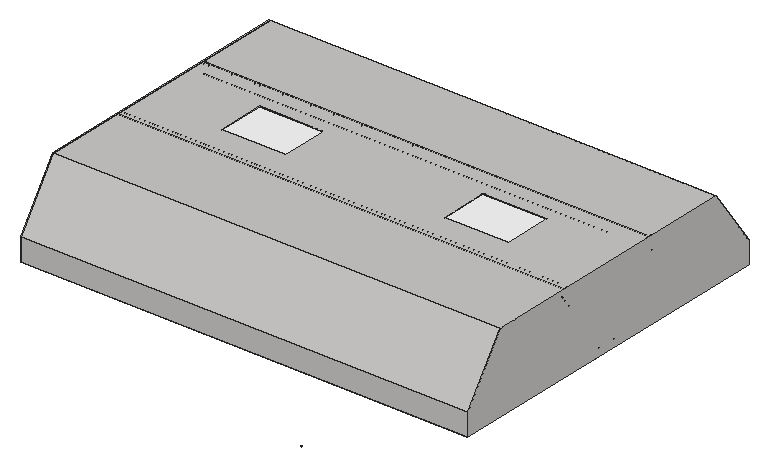
Revit family "QF_ELECTROLUXPROFESSIONAL_642371_BC2228DT", category Attrezzature speciali, Revit 2021
Family settings
  Quota connettore circolare = Usa diametro
  Tipo di parte = Normale
  Basato su piano di lavoro = No
  Sempre verticale = Sì
  Taglio con vuoti quando caricato = No
  Condiviso = No
  Punto di calcolo locali = No
Parameters (values of type "Standard")
  Weight = 99.00 kg
  Watts = 0 W
  Volts = 0 V
  URL Manufacturer = "https://www.electroluxprofessional.com/"
  URL = "https://www.electroluxprofessional.com/"
  Steam Supply Size = 0 mm
  Steam Supply Minimum Pressure = 0.0 Pa
  Steam Supply Maximum Pressure = 0.0 Pa
  Steam Consumption per Hour = 0
  Refrigeration Suction Line Size = 0 mm
  Refrigeration Liquid Line Size = 0 mm
  Refrigerant Compressor Remote = yes
  Prospetto di default = 0 mm
  Produttore = "Electrolux Professional"
  Phase = 0
  Modello = "BC2228DT"
  Length Actual = 2800 mm  # constant formula
  Item Number = "642371"
  Hot Water Size = 0 mm
  Height Actual = 500 mm  # constant formula
  HP = "0 HP"
  Gas Size = 0 mm
  Gas KW = 0
  Gas Input Pressure = 0 W
  Direct Waste Size = 0 mm
  Descrizione = "304 S/S ISLAND HOOD+FILTERS 2800X2200MM"
  Depth Actual = 2200 mm  # constant formula
  Cycle = 0 Hz
  Condensate Return Size = 0 mm
  Compressed Air Volume = 0.0 L/s
  Compressed Air Size = 0 mm
  Compressed Air Pressure = 0.0 Pa
  Cold Water Size = 0 mm
  Accessory = yes
Reference planes
  plane 1: z = 0
  plane 2 "Center (Left/Right)": x = 150
  plane 3 "LEFT": x = -1250
  plane 4 "RIGHT": x = 1550
  plane 5 "BACK": y = 550
  plane 6 "TOP": z = 2500
  plane 7 "Base": z = 2000
  plane 8: z = 1946
  plane 9: x = -1247
  plane 10 "DrainX": x = 1399
  plane 11 "AOLeft2": x = -350
  plane 12 "AORight1": x = 650
  plane 13: x = 1547
  plane 14: x = -1050
  plane 15: x = 1350
  plane 16: x = 50
  plane 17: x = 250
  plane 18 "AOLeft1": x = -750
  plane 19 "AORight2": x = 1050
  plane 20: y = -400
  plane 21: y = -700
  plane 22 "Center (Front/Back)": y = -550
  plane 23: y = -1650
  plane 24: through (0, -601.379, 2046.209) normal (0, 0.8019, 0.5974)
  plane 25: through (0, -498.621, 2046.209) normal (0, 0.8019, -0.5974)
  plane 26: z = 2140
Forms (mm)
  Extrusion 1, solid, material "QF_Finishes_Stainless Steel"
    sketch origin (-1250, 0, 360) x (0, 1, 0) y (0, 0, 1)
      loop
        line (550, 1640) -> (550, 1780) -> (299.446, 2140) -> (-1399.446, 2140) -> (-1650, 1780) -> (-1650, 1640) -> (550, 1640)
    from 0 to 3
  Extrusion 2, solid, material "QF_Finishes_Stainless Steel"
    sketch origin (1550, 0, 360) x (0, 1, 0) y (0, 0, 1)
      loop
        line (550, 1640) -> (550, 1780) -> (299.446, 2140) -> (-1399.446, 2140) -> (-1650, 1780) -> (-1650, 1640) -> (550, 1640)
    from 0 to -3
  Extrusion 3, solid, material "QF_Finishes_Stainless Steel"
    sketch origin (150, 0, 360) x (0, 1, 0) y (0, 0, 1)
      loop
        line (-1399.446, 2140) -> (-1650, 1780) -> (-1650, 1640) -> (-1640, 1640) -> (-1640, 1640.8) -> (-1649.2, 1640.8) -> (-1649.2, 1779.739) -> (-1399.025, 2139.19) -> (299.025, 2139.19) -> (549.2, 1779.739) -> (549.2, 1640.8) -> (540, 1640.8) -> (540, 1640) -> (550, 1640) -> (550, 1780) -> (299.446, 2140) -> (-1399.446, 2140)
    from -1400 to 1400
  Extrusion 4, void
    sketch origin (0, 0, 2500) x (0, 1, 0) y (-1, 0, 0)
      loop
        line (-400, 350) -> (-400, 750) -> (-700, 750) -> (-700, 350) -> (-400, 350)
    from 0 to -10
  Extrusion 5, solid, material "QF_Finishes_Stainless Steel"
    sketch origin (0, 0, 0) x (1, 0, 0) y (0, 1, 0)
      loop
        line (-1250, 550) -> (-1250, 549) -> (-1249, 549) -> (-1249, 550) -> (-1250, 550)
    from 0 to 1
  Extrusion 6, solid, material "QF_Finishes_Stainless Steel"
    sketch origin (150, -400, 360) x (0, 1, 0) y (0, 0, 1)
      loop
        line (-498.883, 2085.553) -> (-201.379, 1686.209) -> (-185.34, 1698.157) -> (-482.844, 2097.501) -> (-498.883, 2085.553)
      loop
        line (198.883, 2085.553) -> (182.844, 2097.501) -> (-114.66, 1698.157) -> (-98.621, 1686.209) -> (198.883, 2085.553)
    from -1200 to -1397
  Extrusion 7, solid, material "QF_Finishes_Stainless Steel"
    sketch origin (150, -400, 360) x (0, 1, 0) y (0, 0, 1)
      loop
        arc (-83.944, 1704.554) -> (-84.545, 1704.706) -> (-85.077, 1704.389) r 0.81
        line (-85.077, 1704.389) -> (-99.535, 1684.991) -> (-116.611, 1687.002) -> (-113.609, 1712.615) -> (-114.407, 1712.708) -> (-117.406, 1687.095)
        arc (-117.406, 1687.095) -> (-117.237, 1686.499) -> (-116.695, 1686.197) r 0.81
        line (-116.695, 1686.197) -> (-99.628, 1684.196)
        arc (-99.628, 1684.196) -> (-99.213, 1684.257) -> (-98.884, 1684.517) r 0.81
        line (-98.884, 1684.517) -> (-84.436, 1703.911) -> (-73.692, 1695.919) -> (-99.855, 1660.79) -> (-200.145, 1660.79) -> (-226.308, 1695.919) -> (-215.564, 1703.911) -> (-201.116, 1684.517)
        arc (-201.116, 1684.517) -> (-200.787, 1684.257) -> (-200.372, 1684.196) r 0.81
        line (-200.372, 1684.196) -> (-183.305, 1686.197)
        arc (-183.305, 1686.197) -> (-182.763, 1686.499) -> (-182.594, 1687.095) r 0.81
        line (-182.594, 1687.095) -> (-185.593, 1712.708) -> (-186.391, 1712.615) -> (-183.389, 1687.002) -> (-200.465, 1684.991) -> (-214.923, 1704.389)
        arc (-214.923, 1704.389) -> (-215.455, 1704.706) -> (-216.056, 1704.554) r 0.81
        line (-216.056, 1704.554) -> (-226.786, 1696.561)
        arc (-226.786, 1696.561) -> (-227.103, 1696.028) -> (-226.951, 1695.427) r 0.81
        line (-226.951, 1695.427) -> (-200.843, 1660.381)
        arc (-200.843, 1660.381) -> (-200.5, 1660.093) -> (-200.063, 1659.99) r 0.972
        line (-200.063, 1659.99) -> (-99.951, 1659.99)
        arc (-99.951, 1659.99) -> (-99.502, 1660.096) -> (-99.149, 1660.393) r 1
        line (-99.149, 1660.393) -> (-73.049, 1695.427)
        arc (-73.049, 1695.427) -> (-72.897, 1696.028) -> (-73.214, 1696.561) r 0.81
        line (-73.214, 1696.561) -> (-83.944, 1704.554)
      loop
        line (-492.735, 2139.19) -> (-492.735, 2129.205) -> (-517.587, 2110.686)
        arc (-517.587, 2110.686) -> (-517.904, 2110.153) -> (-517.752, 2109.552) r 0.81
        line (-517.752, 2109.552) -> (-484.894, 2065.446) -> (-495.625, 2057.438) -> (-495.147, 2056.796) -> (-484.418, 2064.79)
        arc (-484.418, 2064.79) -> (-484.1, 2065.322) -> (-484.252, 2065.923) r 0.81
        line (-484.252, 2065.923) -> (-517.117, 2110.038) -> (-491.935, 2128.798) -> (-491.935, 2138.4) -> (-462.776, 2138.4) -> (-462.776, 2070.563) -> (-461.976, 2069.49) -> (-461.976, 2139.19) -> (-492.735, 2139.19)
      loop
        line (192.735, 2139.19) -> (161.976, 2139.19) -> (161.976, 2069.49) -> (162.776, 2070.563) -> (162.776, 2138.4) -> (191.935, 2138.4) -> (191.935, 2128.798) -> (217.117, 2110.038) -> (184.252, 2065.923)
        arc (184.252, 2065.923) -> (184.1, 2065.322) -> (184.418, 2064.79) r 0.81
        line (184.418, 2064.79) -> (195.147, 2056.796) -> (195.625, 2057.438) -> (184.894, 2065.446) -> (217.752, 2109.552)
        arc (217.752, 2109.552) -> (217.904, 2110.153) -> (217.587, 2110.686) r 0.81
        line (217.587, 2110.686) -> (192.735, 2129.205) -> (192.735, 2139.19)
    from -1397 to 1397
  Extrusion 8, solid, material "QF_Finishes_Stainless Steel"
    sketch origin (150, -400, 360) x (0, 1, 0) y (0, 0, 1)
      loop
        line (-498.883, 2085.553) -> (-201.379, 1686.209) -> (-185.34, 1698.157) -> (-482.844, 2097.501) -> (-498.883, 2085.553)
      loop
        line (198.883, 2085.553) -> (182.844, 2097.501) -> (-114.66, 1698.157) -> (-98.621, 1686.209) -> (198.883, 2085.553)
    from 1397 to 1200
  Extrusion 9, solid, material "QF_Finishes_Stainless Steel"
    sketch origin (150, -400, 360) x (0, 1, 0) y (0, 0, 1)
      loop
        line (-498.883, 2085.553) -> (-201.379, 1686.209) -> (-185.34, 1698.157) -> (-482.844, 2097.501) -> (-498.883, 2085.553)
      loop
        line (198.883, 2085.553) -> (182.844, 2097.501) -> (-114.66, 1698.157) -> (-98.621, 1686.209) -> (198.883, 2085.553)
    from -100 to 100
  Extrusion 10, solid, material "QF_Finished_Chrome"
    sketch origin (150, -400, 360) x (0, 1, 0) y (0, 0, 1)
      loop
        line (-498.883, 2085.553) -> (-201.379, 1686.209) -> (-185.34, 1698.157) -> (-482.844, 2097.501) -> (-498.883, 2085.553)
      loop
        line (198.883, 2085.553) -> (182.844, 2097.501) -> (-114.66, 1698.157) -> (-98.621, 1686.209) -> (198.883, 2085.553)
    from -1200 to -100
  Extrusion 11, solid, material "QF_Finished_Chrome"
    sketch origin (150, -400, 360) x (0, 1, 0) y (0, 0, 1)
      loop
        line (-498.883, 2085.553) -> (-201.379, 1686.209) -> (-185.34, 1698.157) -> (-482.844, 2097.501) -> (-498.883, 2085.553)
      loop
        line (198.883, 2085.553) -> (182.844, 2097.501) -> (-114.66, 1698.157) -> (-98.621, 1686.209) -> (198.883, 2085.553)
    from 100 to 1200
  Sweep 12, solid, material "QF_Finishes_Stainless Steel"
    path origin (0, 0, 0) x (1, 0, 0) y (0, 1, 0)
      loop
        line (1550, 550) -> (-1250, 550) -> (-1250, -1650) -> (1550, -1650) -> (1550, 550)
    profile origin (1550, -550, 0) x (1, 0, 0) y (0, 0, 1)
      loop
        line (-3, 2000) -> (-3, 2000.8) -> (-19, 2000.8) -> (-19, 2010) -> (-20, 2010) -> (-20, 2000) -> (-3, 2000)
  Extrusion 13, void
    sketch origin (0, 0, 2500) x (0, 1, 0) y (-1, 0, 0)
      loop
        line (-400, -1050) -> (-400, -650) -> (-700, -650) -> (-700, -1050) -> (-400, -1050)
    from 0 to -10
  Extrusion 14, solid, material "QF_Finishes_Stainless Steel"
    sketch origin (1399, 0, 0) x (0, 1, 0) y (0, 0, 1)
      loop
        arc (-518.5, 1946) -> (-511.429, 1948.929) -> (-508.5, 1956) r 10
        line (-508.5, 1956) -> (-508.5, 2000.8) -> (-591.5, 2000.8) -> (-591.5, 1956)
        arc (-591.5, 1956) -> (-588.571, 1948.929) -> (-581.5, 1946) r 10
        line (-581.5, 1946) -> (-518.5, 1946)
    from -90 to 90
  Extrusion 15, solid, material "QF_Finishes_Stainless Steel"
    sketch origin (0, -1100, 2000) x (0, 1, 0) y (-1, 0, 0)
      loop
        circle (550, -1399) r 6.35
    from -3.799 to 0
Cuts and joins
  Extrusion 4, Extrusion 13 cuts Extrusion 3
  joined: Extrusion 2, Extrusion 3, Sweep 12
Lines and regions (mm)
  symbolic lines, style "SpecialityEquipment", detail levels coarse
    curve 1: line (1550, 550, 2500) -> (-1250, 550, 2500)
    curve 2: line (-1250, 550, 2500) -> (-1250, -1650, 2500)
    curve 3: line (1550, -1650, 2500) -> (1550, 550, 2500)
    curve 4: line (-1250, 299.446, 0) -> (1550, -1399.446, 0)
    curve 5: line (1550, 299.446, 0) -> (-1250.605, -1399.446, 0)
  symbolic lines, detail levels coarse
    curve 6: line (-750, -700, 0) -> (-350, -700, 0)
    curve 7: line (-750, -400, 0) -> (-750, -700, 0)
    curve 8: line (-350, -400, 0) -> (-750, -400, 0)
    curve 9: line (-350, -700, 0) -> (-350, -400, 0)
    curve 10: line (650, -400, 0) -> (650, -700, 0)
    curve 11: line (1050, -400, 0) -> (650, -400, 0)
    curve 12: line (1050, -700, 0) -> (1050, -400, 0)
    curve 13: line (650, -700, 0) -> (1050, -700, 0)
    curve 14: line (-1250.605, -1399.446, 0) -> (1550, -1399.446, 0)
    curve 15: line (1550, 299.446, 0) -> (-1250, 299.446, 0)
    curve 16: line (-1250, -1650, 0) -> (1550, -1650, 0)
Dimensions and locks
  plane 3 "LEFT" to plane 4 "RIGHT" = 2800 mm
  equal spacing: plane 3 "LEFT", plane 2 "Center (Left/Right)", plane 4 "RIGHT"
  plane 3 "LEFT" to plane 9 = 3 mm
  plane 10 "DrainX" to plane 4 "RIGHT" = 151 mm
  plane 13 to plane 4 "RIGHT" = 3 mm
  plane 3 "LEFT" to plane 14 = 200 mm
  plane 15 to plane 4 "RIGHT" = 200 mm
  locked: plane 11 "AOLeft2" to plane 12 "AORight1" at 1000
  equal spacing: plane 11 "AOLeft2", plane 2 "Center (Left/Right)", plane 12 "AORight1"
  locked: plane 7 "Base" to level at 2000
  locked: plane 16 to plane 17 at 200
  equal spacing: plane 16, plane 2 "Center (Left/Right)", plane 17
  plane 18 "AOLeft1" to plane 11 "AOLeft2" = 400 mm
  plane 12 "AORight1" to plane 19 "AORight2" = 400 mm
  plane 7 "Base" to plane 8 = 54 mm
  locked: plane 6 "TOP" to plane 7 "Base" at 500
  plane 5 "BACK" to plane 23 = 2200 mm  (x2)
  equal spacing: plane 5 "BACK", plane 22 "Center (Front/Back)", plane 23
  plane 21 to plane 20 = 300 mm
  equal spacing: plane 21, plane 22 "Center (Front/Back)", plane 20
  plane 26 to plane 7 "Base" = 140 mm
  aligned and locked: level to plane 1
  aligned and locked: plane 4 "RIGHT" to Extrusion 3
  aligned and locked: Extrusion 3 to plane 3 "LEFT"
  aligned and locked: Extrusion 6 to plane 9
  aligned and locked: plane 14 to Extrusion 6
  aligned and locked: Extrusion 2 to plane 13
  aligned and locked: plane 13 to Extrusion 8
  aligned and locked: Extrusion 8 to plane 15
  aligned and locked: plane 17 to Extrusion 9
  aligned and locked: Extrusion 9 to plane 16
  aligned and locked: plane 16 to Extrusion 10
  aligned and locked: Extrusion 10 to plane 14
  aligned and locked: Extrusion 11 to plane 17
  aligned and locked: Extrusion 11 to plane 15
  aligned and locked: Extrusion 7 to plane 9
  aligned and locked: plane 13 to Extrusion 7
  aligned and locked: Extrusion 4 to plane 18 "AOLeft1"
  aligned and locked: Extrusion 4 to plane 11 "AOLeft2"
  aligned and locked: plane 12 "AORight1" to Extrusion 13
  aligned and locked: plane 19 "AORight2" to Extrusion 13
  aligned and locked: plane 21 to Extrusion 13
  aligned and locked: plane 21 to Extrusion 4
  aligned and locked: plane 20 to Extrusion 13
  aligned and locked: plane 20 to Extrusion 4
  aligned and locked: curve 6 to Extrusion 4
  aligned and locked: curve 7 to Extrusion 4
  aligned and locked: curve 8 to Extrusion 4
  aligned and locked: curve 9 to Extrusion 4
  aligned and locked: curve 10 to Extrusion 13
  aligned and locked: curve 11 to Extrusion 13
  aligned and locked: curve 12 to Extrusion 13
  aligned and locked: curve 13 to Extrusion 13
Automatic sketch dimensions
  Extrusion 4 sketch curve to plane 11 "AOLeft2" = 0 mm
  Extrusion 4 sketch curve to plane 18 "AOLeft1" = 0 mm
  Extrusion 5 sketch curve to plane 3 "LEFT" = 0 mm
  Extrusion 5 sketch curve to plane 5 "BACK" = 0 mm
  plane 3 "LEFT" to Extrusion 5 sketch curve = 1 mm
  Extrusion 5 sketch curve to Extrusion 5 sketch curve = 1 mm
  Sweep 12 sketch curve to plane 3 "LEFT" = 0 mm
  Sweep 12 sketch curve to plane 4 "RIGHT" = 0 mm
  Sweep 12 sketch curve to plane 5 "BACK" = 0 mm
  profile plane to Sweep 12 sketch curve = 20 mm
  Sweep 12 sketch curve to Sweep 12 sketch curve = 1 mm
  profile plane to Sweep 12 sketch curve = 3 mm
  level to Sweep 12 sketch curve = 2000 mm
  Sweep 12 sketch curve to Sweep 12 sketch curve = 0.8 mm
  Sweep 12 sketch curve to Sweep 12 sketch curve = 9.2 mm
  Extrusion 13 sketch curve to plane 11 "AOLeft2" = 1400 mm
  plane 18 "AOLeft1" to Extrusion 13 sketch curve = 1400 mm
  Extrusion 13 sketch curve to Extrusion 13 sketch curve = 300 mm
  Extrusion 13 sketch curve to plane 20 = 0 mm
  plane 21 to Extrusion 2 sketch curve = 699.446 mm
  plane 21 to Sweep 12 sketch curve = 950 mm
  plane 21 to Extrusion 4 sketch curve = 0 mm
  Extrusion 4 sketch curve to plane 20 = 0 mm
  Extrusion 15 sketch curve to plane 10 "DrainX" = 0 mm
  Extrusion 15 sketch curve to plane 22 "Center (Front/Back)" = 0 mm
  Extrusion 14 sketch curve to plane 8 = 0 mm
  plane 8 to Extrusion 14 sketch curve = 10 mm
  Extrusion 14 sketch curve to plane 22 "Center (Front/Back)" = 41.5 mm
  plane 22 "Center (Front/Back)" to Extrusion 14 sketch curve = 31.5 mm
  plane 7 "Base" to Extrusion 14 sketch curve = 0.8 mm
  plane 22 "Center (Front/Back)" to Extrusion 14 sketch curve = 41.5 mm
  plane 21 to Extrusion 6 sketch curve = 198.883 mm
  Extrusion 6 sketch curve to plane 6 "TOP" = 42.499 mm  (x2)
  Extrusion 6 sketch curve to Extrusion 6 sketch curve = 16.039 mm  (x2)
  Extrusion 6 sketch curve to plane 22 "Center (Front/Back)" = 51.379 mm
  plane 22 "Center (Front/Back)" to Extrusion 6 sketch curve = 35.34 mm
  plane 20 to Extrusion 6 sketch curve = 182.844 mm
  Extrusion 6 sketch curve to Extrusion 6 sketch curve = 11.948 mm  (x2)
  Extrusion 7 sketch curve to plane 6 "TOP" = 30.448 mm  (x2)
  plane 21 to Extrusion 7 sketch curve = 217.752 mm
  Extrusion 7 sketch curve to plane 6 "TOP" = 29.314 mm  (x2)
  Extrusion 7 sketch curve to Extrusion 7 sketch curve = 0.166 mm  (x3)
  Extrusion 7 sketch curve to plane 6 "TOP" = 29.962 mm  (x2)
  Extrusion 7 sketch curve to Extrusion 7 sketch curve = 0.47 mm  (x2)
  Extrusion 7 sketch curve to Extrusion 7 sketch curve = 0.014 mm  (x2)
  Extrusion 7 sketch curve to plane 6 "TOP" = 82.562 mm  (x2)
  Extrusion 7 sketch curve to Extrusion 7 sketch curve = 22.127 mm
  Extrusion 7 sketch curve to plane 6 "TOP" = 83.204 mm  (x2)
  Extrusion 7 sketch curve to Extrusion 7 sketch curve = 0.478 mm  (x5)
  Extrusion 7 sketch curve to plane 6 "TOP" = 0.81 mm  (x2)
  Extrusion 7 sketch curve to Extrusion 7 sketch curve = 24.852 mm
  Extrusion 7 sketch curve to Extrusion 7 sketch curve = 0.8 mm  (x5)
  Extrusion 7 sketch curve to Extrusion 7 sketch curve = 10.724 mm
  Extrusion 7 sketch curve to plane 6 "TOP" = 74.554 mm  (x2)
  Extrusion 7 sketch curve to Extrusion 7 sketch curve = 0.008 mm  (x6)
  Extrusion 7 sketch curve to plane 6 "TOP" = 75.21 mm  (x2)
  Extrusion 7 sketch curve to plane 6 "TOP" = 74.077 mm  (x2)
  Extrusion 7 sketch curve to Extrusion 7 sketch curve = 0.642 mm  (x2)
  Extrusion 7 sketch curve to plane 6 "TOP" = 69.437 mm  (x2)
  Extrusion 7 sketch curve to Extrusion 7 sketch curve = 21.476 mm  (x2)
  Extrusion 7 sketch curve to plane 21 = 73.049 mm
  Extrusion 7 sketch curve to Extrusion 7 sketch curve = 0.006 mm  (x4)
  Extrusion 7 sketch curve to Extrusion 7 sketch curve = 10.73 mm  (x3)
  Extrusion 7 sketch curve to Extrusion 7 sketch curve = 0.484 mm  (x4)
  Extrusion 7 sketch curve to Extrusion 7 sketch curve = 0.641 mm  (x2)
  Extrusion 7 sketch curve to Extrusion 7 sketch curve = 14.448 mm
  plane 7 "Base" to Extrusion 7 sketch curve = 20.381 mm
  Extrusion 7 sketch curve to Extrusion 7 sketch curve = 0.273 mm
  Extrusion 7 sketch curve to Extrusion 7 sketch curve = 0.65 mm  (x2)
  Extrusion 7 sketch curve to Extrusion 7 sketch curve = 0.001 mm  (x4)
  Extrusion 7 sketch curve to Extrusion 7 sketch curve = 0.093 mm  (x2)
  plane 7 "Base" to Extrusion 7 sketch curve = 20.79 mm
  Extrusion 7 sketch curve to Extrusion 7 sketch curve = 0.698 mm
  Extrusion 7 sketch curve to Extrusion 7 sketch curve = 0.081 mm
  Extrusion 7 sketch curve to Extrusion 7 sketch curve = 28.531 mm
  Extrusion 7 sketch curve to Extrusion 7 sketch curve = 0.799 mm  (x2)
  Extrusion 7 sketch curve to Extrusion 7 sketch curve = 17.067 mm  (x2)
  Extrusion 7 sketch curve to Extrusion 7 sketch curve = 0.01 mm  (x4)
  Extrusion 7 sketch curve to Extrusion 7 sketch curve = 0.094 mm
  Extrusion 7 sketch curve to Extrusion 7 sketch curve = 0.795 mm  (x2)
  plane 22 "Center (Front/Back)" to Extrusion 7 sketch curve = 32.594 mm
  Extrusion 7 sketch curve to Extrusion 7 sketch curve = 0.71 mm
  Extrusion 7 sketch curve to Extrusion 7 sketch curve = 2.998 mm
  Extrusion 7 sketch curve to Extrusion 7 sketch curve = 16.745 mm
  Extrusion 7 sketch curve to Extrusion 7 sketch curve = 0.095 mm
  plane 7 "Base" to Extrusion 7 sketch curve = 20.393 mm
  Extrusion 7 sketch curve to Extrusion 7 sketch curve = 0.707 mm
  Extrusion 7 sketch curve to Extrusion 7 sketch curve = 0.651 mm
  Extrusion 7 sketch curve to Extrusion 7 sketch curve = 14.456 mm
  Extrusion 7 sketch curve to plane 6 "TOP" = 70.51 mm  (x2)
  plane 20 to Extrusion 7 sketch curve = 161.976 mm
  Extrusion 7 sketch curve to plane 6 "TOP" = 1.6 mm
  Extrusion 7 sketch curve to Extrusion 7 sketch curve = 29.159 mm
  Extrusion 7 sketch curve to Extrusion 7 sketch curve = 24.368 mm
  Extrusion 7 sketch curve to Extrusion 7 sketch curve = 0.636 mm
  Extrusion 7 sketch curve to Extrusion 7 sketch curve = 23.206 mm
  Extrusion 7 sketch curve to Extrusion 7 sketch curve = 23.234 mm
  Extrusion 7 sketch curve to Extrusion 7 sketch curve = 0.321 mm  (x2)
  Extrusion 7 sketch curve to Extrusion 7 sketch curve = 2.001 mm  (x2)
  Extrusion 7 sketch curve to Extrusion 7 sketch curve = 0.804 mm  (x2)
  Extrusion 7 sketch curve to Extrusion 7 sketch curve = 10.911 mm  (x2)
  Extrusion 7 sketch curve to Extrusion 7 sketch curve = 7.993 mm  (x2)
  Extrusion 7 sketch curve to Extrusion 7 sketch curve = 25.613 mm  (x2)
  Extrusion 7 sketch curve to Extrusion 7 sketch curve = 0.407 mm  (x2)
  Extrusion 7 sketch curve to Extrusion 7 sketch curve = 0.79 mm
  Extrusion 3 sketch curve to plane 7 "Base" = 0 mm  (x2)
  Extrusion 3 sketch curve to plane 23 = 0 mm
  Extrusion 3 sketch curve to plane 5 "BACK" = 0 mm
  plane 23 to Extrusion 3 sketch curve = 0.8 mm
  plane 7 "Base" to Extrusion 3 sketch curve = 0.8 mm  (x2)
  Extrusion 3 sketch curve to Extrusion 3 sketch curve = 9.2 mm
  plane 23 to Extrusion 3 sketch curve = 250.554 mm
  Extrusion 3 sketch curve to Extrusion 3 sketch curve = 0.421 mm  (x2)
  Extrusion 3 sketch curve to plane 6 "TOP" = 0.81 mm
  Extrusion 3 sketch curve to plane 5 "BACK" = 250.975 mm
  Extrusion 3 sketch curve to plane 5 "BACK" = 10 mm
  Extrusion 3 sketch curve to plane 5 "BACK" = 0.8 mm
  Extrusion 3 sketch curve to Extrusion 3 sketch curve = 138.939 mm  (x2)
  Extrusion 3 sketch curve to Extrusion 3 sketch curve = 0.261 mm  (x2)
  Extrusion 3 sketch curve to plane 6 "TOP" = 0 mm
  Extrusion 1 sketch curve to plane 7 "Base" = 0 mm
  Extrusion 1 sketch curve to plane 23 = 0 mm
  Extrusion 1 sketch curve to plane 6 "TOP" = 0 mm
  Extrusion 1 sketch curve to plane 5 "BACK" = 0 mm
  Extrusion 1 sketch curve to plane 5 "BACK" = 250.554 mm
  plane 7 "Base" to Extrusion 1 sketch curve = 140 mm
  Extrusion 1 sketch curve to Extrusion 1 sketch curve = 140 mm
  plane 23 to Extrusion 1 sketch curve = 250.554 mm
  Extrusion 2 sketch curve to plane 5 "BACK" = 250.554 mm
  plane 7 "Base" to Extrusion 2 sketch curve = 140 mm  (x2)
  Extrusion 2 sketch curve to plane 7 "Base" = 0 mm
  plane 23 to Extrusion 2 sketch curve = 0 mm
  Extrusion 2 sketch curve to plane 6 "TOP" = 0 mm
  Extrusion 2 sketch curve to plane 5 "BACK" = 0 mm
  plane 21 to Extrusion 10 sketch curve = 198.883 mm
  Extrusion 10 sketch curve to plane 6 "TOP" = 42.499 mm  (x2)
  Extrusion 10 sketch curve to Extrusion 10 sketch curve = 16.039 mm  (x2)
  Extrusion 10 sketch curve to plane 22 "Center (Front/Back)" = 51.379 mm
  plane 22 "Center (Front/Back)" to Extrusion 10 sketch curve = 35.34 mm
  plane 20 to Extrusion 10 sketch curve = 182.844 mm
  Extrusion 10 sketch curve to Extrusion 10 sketch curve = 11.948 mm  (x2)
  plane 21 to Extrusion 9 sketch curve = 198.883 mm
  Extrusion 9 sketch curve to plane 6 "TOP" = 42.499 mm  (x2)
  Extrusion 9 sketch curve to Extrusion 9 sketch curve = 16.039 mm  (x2)
  Extrusion 9 sketch curve to plane 22 "Center (Front/Back)" = 51.379 mm
  plane 22 "Center (Front/Back)" to Extrusion 9 sketch curve = 35.34 mm
  plane 20 to Extrusion 9 sketch curve = 182.844 mm
  Extrusion 9 sketch curve to Extrusion 9 sketch curve = 11.948 mm  (x2)
  plane 21 to Extrusion 11 sketch curve = 198.883 mm
  Extrusion 11 sketch curve to plane 6 "TOP" = 42.499 mm  (x2)
  Extrusion 11 sketch curve to Extrusion 11 sketch curve = 16.039 mm  (x2)
  Extrusion 11 sketch curve to plane 22 "Center (Front/Back)" = 51.379 mm
  plane 22 "Center (Front/Back)" to Extrusion 11 sketch curve = 35.34 mm
  plane 20 to Extrusion 11 sketch curve = 182.844 mm
  Extrusion 11 sketch curve to Extrusion 11 sketch curve = 11.948 mm  (x2)
  plane 21 to Extrusion 8 sketch curve = 198.883 mm
  Extrusion 8 sketch curve to plane 6 "TOP" = 42.499 mm  (x2)
  Extrusion 8 sketch curve to Extrusion 8 sketch curve = 16.039 mm  (x2)
  Extrusion 8 sketch curve to plane 22 "Center (Front/Back)" = 51.379 mm
  plane 22 "Center (Front/Back)" to Extrusion 8 sketch curve = 35.34 mm
  plane 20 to Extrusion 8 sketch curve = 182.844 mm
  Extrusion 8 sketch curve to Extrusion 8 sketch curve = 11.948 mm  (x2)
  curve 2 to plane 3 "LEFT" = 0 mm
  curve 2 to plane 23 = 0 mm
  curve 3 to plane 4 "RIGHT" = 0 mm
  curve 3 to plane 23 = 0 mm
  curve 2 to plane 5 "BACK" = 0 mm
  curve 15 to plane 3 "LEFT" = 0 mm
  curve 16 to plane 3 "LEFT" = 0 mm
  curve 14 to plane 4 "RIGHT" = 0 mm
  curve 15 to plane 4 "RIGHT" = 0 mm
  curve 16 to plane 4 "RIGHT" = 0 mm
  curve 16 to plane 23 = 0 mm
  curve 14 to plane 3 "LEFT" = 0.605 mm
  plane 23 to curve 4 = 250.554 mm
  curve 15 to plane 5 "BACK" = 250.554 mm
  radius of Extrusion 15 sketch curve = 6.35 mm
Connectors
  hvac at (-550, -550, 2500)
    settings: on Extrusion 4, index 2, duct flow 0.0 L/s, flow factor 0, pres drop 0.0 Pa, loss coef 0, conn angle 0.00°, conn width 300 mm, conn height 400 mm, conn diameter 609.6 mm, duct sys type 3, conn prof type 1, flow config 1, flow direction 2, loss method 0, conn ref index -1, conn util no, is conn primary yes, conn desc "EXHAUST OUTLET"
  hvac at (850, -550, 2500)
    settings: on Extrusion 13, index 3, duct flow 0.0 L/s, flow factor 0, pres drop 0.0 Pa, loss coef 0, conn angle 0.00°, conn width 300 mm, conn height 400 mm, conn diameter 609.6 mm, duct sys type 3, conn prof type 1, flow config 1, flow direction 2, loss method 0, conn ref index -1, conn util no, is conn primary no, conn desc "EXHAUST OUTLET"
  piping at (1399, -550, 1996.201), diameter 12.7
    settings: on Extrusion 15, index 4, connector inside diameter 609.6 mm, connector length 0 mm, flow factor 0, pipe flow 0.0 L/s, pressure drop 0.0 Pa, fitting loss kfactor 0, connector angle 0.00°, fixture units 0, engagement length 0 mm, angle of deflection 0.00°, flow configuration 1, flow direction 2, fitting loss method 0, system type 16, joint type 0, gender type 0, connector reference index -1, connector utility 0, adjustable connector no, is connector primary yes, connector description "Drain"
